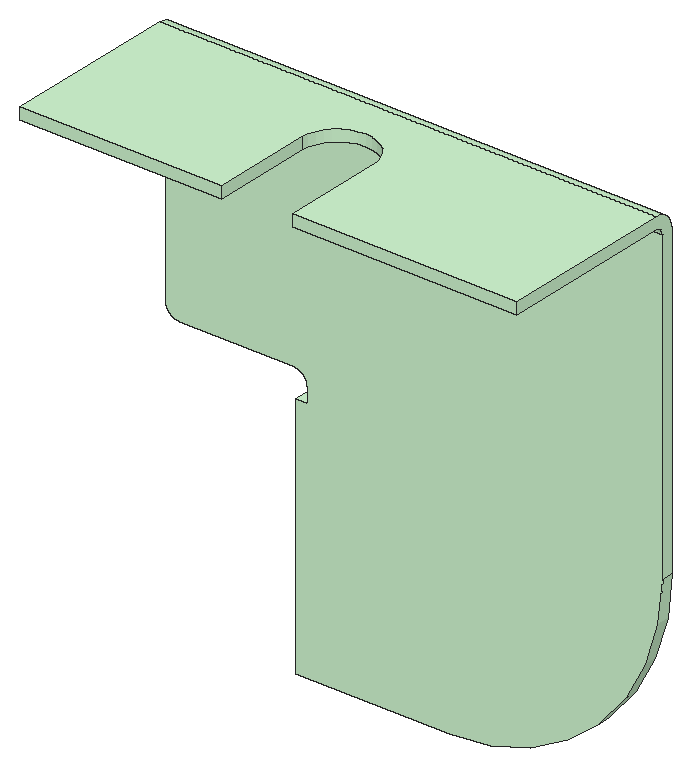
Revit family "ブレース金具SMT", category 機械設備, Revit 2020
Family settings
  丸型コネクタ寸法 = 直径を使用
  種別 = なし
  パーツ タイプ = 標準
  作業面ベース = いいえ
  常に垂直 = はい
  ロード時にボイドで切り取り = いいえ
  共有 = いいえ
  部屋計算ポイント = いいえ
Parameters
  製造元 = "株式会社桐井製作所"
  既定の高さ = 0 mm
  URL = "https://www.kirii.co.jp/"
  K_板厚(mm) = 1.6 mm
  K_品名 = "ブレース金具SMT"
  K_名称 = "斜め部材(ブレース)下部取付金具"
  K_入数 = "100"
  K_バージョン情報 = "20250901"
Reference planes
  plane 1 "中心(正面/背面)": y = 0
  plane 2: z = 0
  plane 3 "中心(左/右)": x = 0
Forms (mm)
  Extrusion 1, solid
    sketch origin (-33.4, 0, -9.2) x (0, 1, 0) y (0, 0, 1)
      loop
        line (-25.6, 10.8) -> (-25.6, 9.2) -> (-1.2, 9.2)
        arc (-1.2, 9.2) -> (-0.351, 8.849) -> (0, 8) r 1.2
        line (0, 8) -> (0, -65.5) -> (1.6, -65.5) -> (1.6, 8.2)
        arc (1.6, 8.2) -> (0.838, 10.038) -> (-1, 10.8) r 2.6
        line (-1, 10.8) -> (-25.6, 10.8)
    from 0 to 70
  Extrusion 2, solid
    sketch origin (-17.226, 0, -9.6) x (0, 1, 0) y (0, 0, 1)
      loop
        line (18, -30.4) -> (0, -30.4) -> (0, -65.1) -> (18, -65.1)
        arc (18, -65.1) -> (19.414, -64.514) -> (20, -63.1) r 2
        line (20, -63.1) -> (20, -32.4)
        arc (20, -32.4) -> (19.414, -30.986) -> (18, -30.4) r 2
      loop
        circle (11.8, -39.1) r 2.25
      loop
        circle (11.8, -59.1) r 2.25
    from 2.226 to 3.826
  Extrusion 3, void
    sketch origin (46.6, 0, -9.2) x (-1, 0, 0) y (0, 0, -1)
      loop
        arc (10, 35.5) -> (18.787, 56.713) -> (40, 65.5) r 30
        line (40, 65.5) -> (10, 65.5) -> (10, 35.5)
    from -1.6 to 0
  Extrusion 4, void
    sketch origin (0, 1.2, -85.6) x (0, 0, -1) y (-1, 0, 0)
      loop
        line (-49.6, 31.4) -> (-49.6, 15.4)
        arc (-49.6, 15.4) -> (-49.014, 13.986) -> (-47.6, 13.4) r 2
        line (-47.6, 13.4) -> (-10.9, 13.4) -> (-10.9, 33.4) -> (-51.6, 33.4)
        arc (-51.6, 33.4) -> (-50.186, 32.814) -> (-49.6, 31.4) r 2
    from -1.2 to 0.4
  Extrusion 5, void
    sketch origin (-100.6, -29.6, -9.2) x (1, 0, 0) y (0, 1, 0)
      loop
        arc (105.6, 18.095) -> (100.602, 23.1) -> (95.6, 18.1) r 5
        line (95.6, 18.1) -> (95.6, 4) -> (105.6, 4) -> (105.6, 18.095)
    from 9.2 to 10.8
Cuts and joins
  Extrusion 3, Extrusion 4, Extrusion 5 cuts Extrusion 1
  Extrusion 3 cuts Extrusion 2
  joined: Extrusion 1, Extrusion 2
Dimensions and locks
  aligned and locked: level to plane 2
